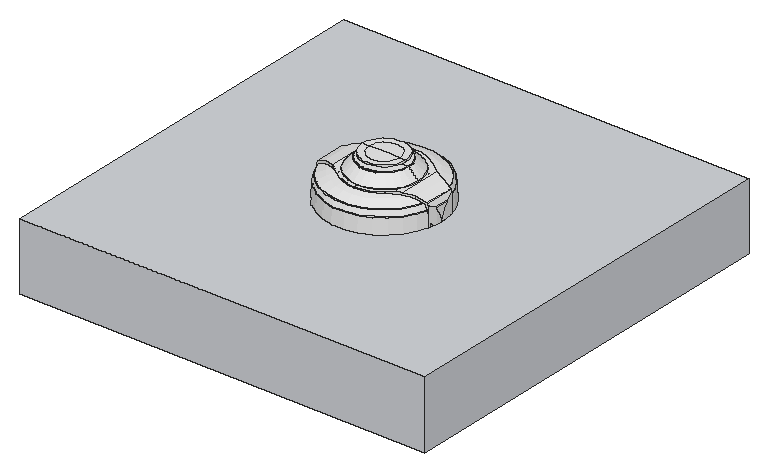
Revit family "B200S-LF-WH.BIM", category Fire Alarm Devices, host Face, Revit 2020
Family settings
  Host = Face
  Maintain Annotation Orientation = Yes
  Round Connector Dimension = Use Diameter
  Part Type = Normal
  OmniClass Number = 23.85.30.21
  OmniClass Title = Environmental Detection/Registration
  Cut with Voids When Loaded = No
  Shared = No
  Room Calculation Point = No
Parameters (values of type "Detector_with_Low_Freq_Sync_Sounder_Base_White")
  Wall Mounted [instance] = no
  URL = "www.firelite.com"
  Standard_Wall [instance] = and(Wall Mounted, Standard Base)  # no
  Standard_Ceiling [instance] = and(Ceiling Mounted, Standard Base)  # no
  Standard Base = no
  Speciality_Ceiling [instance] = and(Ceiling Mounted, Specality Base)  # yes
  Specality_Wall [instance] = and(Wall Mounted, Specality Base)  # no
  Specality Base = yes
  Puck_Wall [instance] = and(Wall Mounted, Puck Base)  # no
  Puck_Ceiling [instance] = and(Ceiling Mounted, Puck Base)  # no
  Puck Base = no
  Mounting Requirements = "Standard 4 inch square, 4 inch octagonal, or single gang electrical box."
  Model = "B200S-LF-WH"
  Manufacturer = "Fire Lite"  # constant formula
  Main Electrical Connection = "Signaling Line Circuit"  # constant formula
  Height = if(Specality Base, 0' 2 9/16", 0' 1 11/16")  # 0' - 2 9/16"
  Finish = Plastic_FireLite_White
  Diameter = if(Puck Base, 0' 4", if(Standard Base, 0' 6", 0' 6 7/8"))  # 0' - 6 7/8"
  Detector Type = "P-CO"  # constant formula
  Description = "Intelligent Plug-In Photo-CO Detector / Low Freq Sounder Base"
  Default Elevation = 6' - 8"
  Ceiling Mounted [instance] = not(Wall Mounted)  # yes
  Base Thickness = if(Specality Base, 0' 1 11/16", 0' 0 7/8")  # 0' - 1 11/16"
  Base Select = DetectorBase-Select_Series : Speciality Base
  Base Label = "LF"
  Assembly Code = "D5030700"
  Agency Listing = "UL"  # constant formula
Reference planes (in)
  plane 1 "Center (Front/Back)": y = 0
  plane 2: z = 0
  plane 3 "Center (Left/Right)": x = 0
  plane 4 "Base Depth": z = 1.6875
  plane 5: x = 0
Forms (in)
  Extrusion 1, solid
    sketch origin (24, -6.72932, 0) x (1, 0, 0) y (0, 1, 0)
      loop
        line (-36, 18.72932) -> (-36, -5.27068) -> (-12, -5.27068) -> (-12, 18.72932) -> (-36, 18.72932)
    from 0 to -4
Lines and regions (in)
  Masking region 1, visible <- "Wall Mounted"
    outline origin (-5.53202, -3.47829, 0) x (1, 0, 0) y (0, 1, 0)
      loop
        circle (5.53047, 3.47791) r 2.11075
  Masking region 2, visible <- "Wall Mounted", not visible
    outline origin (0, 0, 0) x (1, 0, 0) y (0, 1, 0)
      loop
        circle (5.53047, 3.47791) r 2.11075
  Masking region 3, visible <- "Standard_Ceiling"
    outline origin (-15.46141, 0, -26.39682) x (1, 0, 0) y (0, 0, 1)
      loop
        line (18.5344, 26.39682) -> (18.5344, 26.50119) -> (17.48216, 27.19351) -> (16.92543, 27.75024) -> (16.74554, 28.06183) -> (14.18447, 28.06183) -> (14.00507, 27.75122) -> (13.45804, 27.2042) -> (12.38841, 26.50119) -> (12.38841, 26.39682) -> (18.5344, 26.39682)
  Masking region 4, visible <- "Standard Base"
    outline origin (0, -12, 0) x (0, 1, 0) y (0, 0, 1)
      loop
        line (8.927, 0) -> (15.073, 0) -> (15.073, 0.10437) -> (14.05174, 0.7967) -> (13.45781, 1.39064) -> (13.27694, 1.66501) -> (10.72306, 1.66501) -> (10.5633, 1.37724) -> (9.99344, 0.80738) -> (8.927, 0.10437) -> (8.927, 0)
  Masking region 5, visible <- "Standard Base", not visible
    outline origin (0, 0, 0) x (0, 1, 0) y (0, 0, 1)
      loop
        line (8.927, 0) -> (15.073, 0) -> (15.073, 0.10437) -> (14.05174, 0.7967) -> (13.45781, 1.39064) -> (13.27694, 1.66501) -> (10.72306, 1.66501) -> (10.5633, 1.37724) -> (9.99344, 0.80738) -> (8.927, 0.10437) -> (8.927, 0)
  Masking region 6, visible <- "Standard_Wall"
    outline origin (0, 0, 0) x (1, 0, 0) y (0, 1, 0)
      loop
        circle (-0.00155, -0.00039) r 3.0741
  Masking region 7, visible <- "Specality_Wall"
    outline origin (0, 0, 0) x (1, 0, 0) y (0, 1, 0)
      loop
        circle (-0.00155, -0.00039) r 3.42775
  Masking region 8, visible <- "Specality Base"
    outline origin (0, 27.45036, -32.86568) x (0, 1, 0) y (0, 0, 1)
      loop
        line (-24.04835, 32.86568) -> (-24.04835, 33.8153) -> (-24.22768, 34.12578) -> (-24.67998, 34.36368) -> (-25.447, 34.52671) -> (-25.99402, 35.07374) -> (-26.17342, 35.38434) -> (-28.76187, 35.38434) -> (-28.88706, 35.09658) -> (-29.45692, 34.52671) -> (-30.22074, 34.32282) -> (-30.69819, 34.09707) -> (-30.82078, 33.8153) -> (-30.88035, 32.86568) -> (-24.04835, 32.86568)
  Masking region 9, visible <- "Specality Base", not visible
    outline origin (0, 0, 0) x (0, 1, 0) y (0, 0, 1)
      loop
        line (-24.04835, 32.86568) -> (-24.04835, 33.8153) -> (-24.22768, 34.12578) -> (-24.67998, 34.36368) -> (-25.447, 34.52671) -> (-25.99402, 35.07374) -> (-26.17342, 35.38434) -> (-28.76187, 35.38434) -> (-28.88706, 35.09658) -> (-29.45692, 34.52671) -> (-30.22074, 34.32282) -> (-30.69819, 34.09707) -> (-30.82078, 33.8153) -> (-30.88035, 32.86568) -> (-24.04835, 32.86568)
  Masking region 10, visible <- "Speciality_Ceiling"
    outline origin (-12.15283, 0, -40.72634) x (1, 0, 0) y (0, 0, 1)
      loop
        line (15.58124, 40.72775) -> (15.52167, 41.67737) -> (15.39908, 41.95915) -> (14.71166, 42.25094) -> (14.27096, 42.34263) -> (14.15781, 42.38878) -> (13.42819, 43.24641) -> (10.87432, 43.24641) -> (10.14469, 42.38878) -> (9.97762, 42.33469) -> (9.38087, 42.18489) -> (8.88102, 41.9796) -> (8.77242, 41.62224) -> (8.72127, 40.72775) -> (15.58124, 40.72775)
  Masking region 11, visible <- "Speciality_Ceiling", not visible
    outline origin (0, 0, 0) x (1, 0, 0) y (0, 0, 1)
      loop
        line (15.58124, 40.72775) -> (15.52167, 41.67737) -> (15.39908, 41.95915) -> (14.71166, 42.25094) -> (14.27096, 42.34263) -> (14.15781, 42.38878) -> (13.42819, 43.24641) -> (10.87432, 43.24641) -> (10.14469, 42.38878) -> (9.97762, 42.33469) -> (9.38087, 42.18489) -> (8.88102, 41.9796) -> (8.77242, 41.62224) -> (8.72127, 40.72775) -> (15.58124, 40.72775)
  Masking region 12, visible <- "Puck Base"
    outline origin (0, -7.69624, 0.00261) x (0, 1, 0) y (0, 0, 1)
      loop
        line (5.67769, 0) -> (9.68761, 0) -> (9.68761, 0.82534) -> (9.14058, 1.37236) -> (8.96118, 1.68297) -> (6.40731, 1.68297) -> (6.24755, 1.3952) -> (5.67769, 0.82534) -> (5.67769, 0)
  Masking region 13, visible <- "Puck Base", not visible
    outline origin (0, 0, 0) x (0, 1, 0) y (0, 0, 1)
      loop
        line (5.67769, 0) -> (9.68761, 0) -> (9.68761, 0.82534) -> (9.14058, 1.37236) -> (8.96118, 1.68297) -> (6.40731, 1.68297) -> (6.24755, 1.3952) -> (5.67769, 0.82534) -> (5.67769, 0)
  Masking region 14, visible <- "Puck_Ceiling"
    outline origin (7.40824, 0, -0.80829) x (1, 0, 0) y (0, 0, 1)
      loop
        line (-5.40168, 0.80829) -> (-5.40168, 1.63642) -> (-5.94776, 2.18249) -> (-6.00405, 2.18249) -> (-6.00405, 2.21689) -> (-7.13967, 2.21689) -> (-7.13967, 2.41176) -> (-6.13131, 2.41176) -> (-6.13131, 2.49405) -> (-6.54202, 2.49405) -> (-7.15621, 2.51785) -> (-7.72665, 2.51785) -> (-8.30672, 2.49405) -> (-8.68518, 2.49405) -> (-8.68518, 2.41176) -> (-7.67681, 2.41176) -> (-7.67681, 2.21689) -> (-8.81353, 2.21689) -> (-8.81353, 2.18344) -> (-8.86458, 2.18344) -> (-9.4116, 1.63642) -> (-9.4116, 0.80829) -> (-5.40168, 0.80829)
  Masking region 15, visible <- "Puck_Ceiling", not visible
    outline origin (0, 0, -0.82392) x (1, 0, 0) y (0, 0, 1)
      loop
        line (-5.40168, 0.80829) -> (-5.40168, 1.63642) -> (-5.94776, 2.18249) -> (-6.00405, 2.18249) -> (-6.00405, 2.21689) -> (-7.13967, 2.21689) -> (-7.13967, 2.41176) -> (-6.13131, 2.41176) -> (-6.13131, 2.49405) -> (-6.54202, 2.49405) -> (-7.15621, 2.51785) -> (-7.72665, 2.51785) -> (-8.30672, 2.49405) -> (-8.68518, 2.49405) -> (-8.68518, 2.41176) -> (-7.67681, 2.41176) -> (-7.67681, 2.21689) -> (-8.81353, 2.21689) -> (-8.81353, 2.18344) -> (-8.86458, 2.18344) -> (-9.4116, 1.63642) -> (-9.4116, 0.80829) -> (-5.40168, 0.80829)
  symbolic lines, style "0", visible <- "Wall Mounted"
    curve 1: circle (-0.00155, -0.00039, 0) r 2.00967 normal (0, 0, 1)
    curve 2: circle (-0.00155, -0.00039, 0) r 2.11075 normal (0, 0, 1)
    curve 3: circle (-0.00155, -0.00039, 0) r 1.45634 normal (0, 0, 1)
    curve 4: circle (-0.00155, -0.00039, 0) r 1.40529 normal (0, 0, 1)
    curve 5: circle (-0.00155, -0.00039, 0) r 1.27694 normal (0, 0, 1)
  symbolic lines, style "0", visible <- "Wall Mounted", not visible
    curve 6: circle (5.53047, 3.47791, 0) r 2.00967 normal (0, 0, 1)
    curve 7: circle (5.53047, 3.47791, 0) r 2.11075 normal (0, 0, 1)
    curve 8: circle (5.53047, 3.47791, 0) r 1.45634 normal (0, 0, 1)
    curve 9: circle (5.53047, 3.47791, 0) r 1.40529 normal (0, 0, 1)
    curve 10: circle (5.53047, 3.47791, 0) r 1.27694 normal (0, 0, 1)
  symbolic lines, visible <- "Standard_Wall"
    curve 11: circle (0, -0.00039, 0) r 3.073 normal (0, 0, 1)
  symbolic lines, style "0", visible <- "Standard Base"
    curve 12: arc (0, -2.02075, 0.7967) -> (0, -2.52551, 0.41806) -> (0, -3.073, 0.10437) r 5.12142
    curve 13: arc (0, 3.073, 0.10437) -> (0, 2.52551, 0.41806) -> (0, 2.02075, 0.7967) r 5.12142
    curve 14: arc (0, 2.00656, 0.80738) -> (0, 1.72117, 1.07055) -> (0, 1.45634, 1.3544) r 5.16892
    curve 15: arc (0, 0, 1.69084) -> (0, 0.44942, 1.68438) -> (0, 0.89848, 1.66501) r 15.63962
    curve 16: arc (0, -1.45634, 1.3544) -> (0, -1.72117, 1.07055) -> (0, -2.00656, 0.80738) r 5.16892
    curve 17: arc (0, -0.89848, 1.66501) -> (0, -0.44942, 1.68438) -> (0, 0, 1.69084) r 15.63962
    curve 18: line (0, 3.073, 0.10437) -> (0, 3.073, 0)
    curve 19: line (0, 3.073, 0) -> (0, 0, 0)
    curve 20: line (0, 0, 0) -> (0, -3.073, 0)
    curve 21: line (0, -3.073, 0) -> (0, -3.073, 0.10437)
    curve 22: line (0, -2.02075, 0.7967) -> (0, 0, 0.7967)
    curve 23: line (0, 0, 0.7967) -> (0, 2.02075, 0.7967)
    curve 24: line (0, -1.45634, 1.3544) -> (0, -1.40529, 1.3544)
    curve 25: line (0, -1.40529, 1.3544) -> (0, -1.40529, 1.38785)
    curve 26: line (0, -1.40529, 1.38785) -> (0, 0, 1.38785)
    curve 27: line (0, 0, 1.38785) -> (0, 1.40529, 1.38785)
    curve 28: line (0, 1.40529, 1.38785) -> (0, 1.40529, 1.3544)
    curve 29: line (0, 1.40529, 1.3544) -> (0, 1.45634, 1.3544)
    curve 30: line (0, -0.26857, 1.38785) -> (0, -0.26857, 1.58272)
    curve 31: line (0, -0.26857, 1.58272) -> (0, -1.27694, 1.58272)
    curve 32: line (0, -1.27694, 1.58272) -> (0, -1.27694, 1.66501)
    curve 33: line (0, -1.27694, 1.66501) -> (0, -0.89848, 1.66501)
    curve 34: line (0, -0.89848, 1.66501) -> (0, 0.89848, 1.66501)
    curve 35: line (0, 0.89848, 1.66501) -> (0, 1.27694, 1.66501)
    curve 36: line (0, 1.27694, 1.66501) -> (0, 1.27694, 1.58272)
    curve 37: line (0, 1.27694, 1.58272) -> (0, 0.26857, 1.58272)
    curve 38: line (0, 0.26857, 1.58272) -> (0, 0.26857, 1.38785)
    curve 39: line (0, 2.00656, 0.80738) -> (0, -2.00656, 0.80738)
    curve 40: line (0, 1.40529, 1.3544) -> (0, -1.40529, 1.3544)
    curve 41: line (0, 0.26857, 1.58272) -> (0, -0.26857, 1.58272)
  symbolic lines, style "0", visible <- "Standard Base", not visible
    curve 42: arc (0, 9.97925, 0.7967) -> (0, 9.47449, 0.41806) -> (0, 8.927, 0.10437) r 5.12142
    curve 43: arc (0, 15.073, 0.10437) -> (0, 14.52551, 0.41806) -> (0, 14.02075, 0.7967) r 5.12142
    curve 44: arc (0, 14.00656, 0.80738) -> (0, 13.72117, 1.07055) -> (0, 13.45634, 1.3544) r 5.16892
    curve 45: arc (0, 12, 1.69084) -> (0, 12.44942, 1.68438) -> (0, 12.89848, 1.66501) r 15.63962
    curve 46: arc (0, 10.54366, 1.3544) -> (0, 10.27883, 1.07055) -> (0, 9.99344, 0.80738) r 5.16892
    curve 47: arc (0, 11.10152, 1.66501) -> (0, 11.55058, 1.68438) -> (0, 12, 1.69084) r 15.63962
    curve 48: line (0, 15.073, 0.10437) -> (0, 15.073, 0)
    curve 49: line (0, 15.073, 0) -> (0, 12, 0)
    curve 50: line (0, 12, 0) -> (0, 8.927, 0)
    curve 51: line (0, 8.927, 0) -> (0, 8.927, 0.10437)
    curve 52: line (0, 9.97925, 0.7967) -> (0, 12, 0.7967)
    curve 53: line (0, 12, 0.7967) -> (0, 14.02075, 0.7967)
    curve 54: line (0, 10.54366, 1.3544) -> (0, 10.59471, 1.3544)
    curve 55: line (0, 10.59471, 1.3544) -> (0, 10.59471, 1.38785)
    curve 56: line (0, 10.59471, 1.38785) -> (0, 12, 1.38785)
    curve 57: line (0, 12, 1.38785) -> (0, 13.40529, 1.38785)
    curve 58: line (0, 13.40529, 1.38785) -> (0, 13.40529, 1.3544)
    curve 59: line (0, 13.40529, 1.3544) -> (0, 13.45634, 1.3544)
    curve 60: line (0, 11.73143, 1.38785) -> (0, 11.73143, 1.58272)
    curve 61: line (0, 11.73143, 1.58272) -> (0, 10.72306, 1.58272)
    curve 62: line (0, 10.72306, 1.58272) -> (0, 10.72306, 1.66501)
    curve 63: line (0, 10.72306, 1.66501) -> (0, 11.10152, 1.66501)
    curve 64: line (0, 11.10152, 1.66501) -> (0, 12.89848, 1.66501)
    curve 65: line (0, 12.89848, 1.66501) -> (0, 13.27694, 1.66501)
    curve 66: line (0, 13.27694, 1.66501) -> (0, 13.27694, 1.58272)
    curve 67: line (0, 13.27694, 1.58272) -> (0, 12.26857, 1.58272)
    curve 68: line (0, 12.26857, 1.58272) -> (0, 12.26857, 1.38785)
    curve 69: line (0, 14.00656, 0.80738) -> (0, 9.99344, 0.80738)
    curve 70: line (0, 13.40529, 1.3544) -> (0, 10.59471, 1.3544)
    curve 71: line (0, 12.26857, 1.58272) -> (0, 11.73143, 1.58272)
  symbolic lines, style "0", visible <- "Standard_Ceiling"
    curve 72: arc (2.02075, 0, 0.7967) -> (2.52551, 0, 0.41806) -> (3.073, 0, 0.10437) r 5.12142
    curve 73: arc (-3.073, 0, 0.10437) -> (-2.52551, 0, 0.41806) -> (-2.02075, 0, 0.7967) r 5.12142
    curve 74: arc (-2.00656, 0, 0.80738) -> (-1.72117, 0, 1.07055) -> (-1.45634, 0, 1.3544) r 5.16892
    curve 75: arc (0, 0, 1.69084) -> (-0.44942, 0, 1.68438) -> (-0.89848, 0, 1.66501) r 15.63962
    curve 76: arc (1.45634, 0, 1.3544) -> (1.72117, 0, 1.07055) -> (2.00656, 0, 0.80738) r 5.16892
    curve 77: arc (0.89848, 0, 1.66501) -> (0.44942, 0, 1.68438) -> (0, 0, 1.69084) r 15.63962
    curve 78: line (-3.073, 0, 0.10437) -> (-3.073, 0, 0)
    curve 79: line (-3.073, 0, 0) -> (0, 0, 0)
    curve 80: line (0, 0, 0) -> (3.073, 0, 0)
    curve 81: line (3.073, 0, 0) -> (3.073, 0, 0.10437)
    curve 82: line (2.02075, 0, 0.7967) -> (0, 0, 0.7967)
    curve 83: line (0, 0, 0.7967) -> (-2.02075, 0, 0.7967)
    curve 84: line (1.45634, 0, 1.3544) -> (1.40529, 0, 1.3544)
    curve 85: line (1.40529, 0, 1.3544) -> (1.40529, 0, 1.38785)
    curve 86: line (1.40529, 0, 1.38785) -> (0, 0, 1.38785)
    curve 87: line (0, 0, 1.38785) -> (-1.40529, 0, 1.38785)
    curve 88: line (-1.40529, 0, 1.38785) -> (-1.40529, 0, 1.3544)
    curve 89: line (-1.40529, 0, 1.3544) -> (-1.45634, 0, 1.3544)
    curve 90: line (0.26857, 0, 1.38785) -> (0.26857, 0, 1.58272)
    curve 91: line (0.26857, 0, 1.58272) -> (1.27694, 0, 1.58272)
    curve 92: line (1.27694, 0, 1.58272) -> (1.27694, 0, 1.66501)
    curve 93: line (1.27694, 0, 1.66501) -> (0.89848, 0, 1.66501)
    curve 94: line (0.89848, 0, 1.66501) -> (-0.89848, 0, 1.66501)
    curve 95: line (-0.89848, 0, 1.66501) -> (-1.27694, 0, 1.66501)
    curve 96: line (-1.27694, 0, 1.66501) -> (-1.27694, 0, 1.58272)
    curve 97: line (-1.27694, 0, 1.58272) -> (-0.26857, 0, 1.58272)
    curve 98: line (-0.26857, 0, 1.58272) -> (-0.26857, 0, 1.38785)
    curve 99: line (-2.00656, 0, 0.80738) -> (2.00656, 0, 0.80738)
    curve 100: line (-1.40529, 0, 1.3544) -> (1.40529, 0, 1.3544)
    curve 101: line (-0.26857, 0, 1.58272) -> (0.26857, 0, 1.58272)
  symbolic lines, style "0", visible <- "Specality_Wall"
    curve 102: circle (-0.00155, -0.00039, 0) r 2.00967 normal (0, 0, 1)
    curve 103: circle (-0.00155, -0.00039, 0) r 3.42775 normal (0, 0, 1)
    curve 104: circle (-0.00155, -0.00039, 0) r 3.38081 normal (0, 0, 1)
    curve 105: circle (-0.00155, -0.00039, 0) r 3.25078 normal (0, 0, 1)
    curve 106: circle (-0.00155, -0.00039, 0) r 2.11075 normal (0, 0, 1)
    curve 107: arc (0.85813, 3.31781, 0) -> (1.17522, 2.32061, 0) -> (1.72456, 1.43, 0) r 4.28478
    curve 108: arc (2.2402, -0.00039, 0) -> (2.10736, 0.75986, 0) -> (1.72456, 1.43, 0) r 2.24176
    curve 109: arc (1.72456, -1.43078, 0) -> (1.17522, -2.32139, 0) -> (0.85813, -3.31859, 0) r 4.28478
    curve 110: arc (1.72456, -1.43078, 0) -> (2.10736, -0.76064, 0) -> (2.2402, -0.00039, 0) r 2.24176
    curve 111: arc (3.01297, -0.00039, 0) -> (2.74961, 1.23188, 0) -> (2.00553, 2.24883, 0) r 3.01453
    curve 112: arc (2.93101, -0.00039, 0) -> (2.67346, 1.20139, 0) -> (1.94603, 2.19207, 0) r 2.93257
    curve 113: arc (2.76294, -0.00039, 0) -> (2.55291, 1.05655, 0) -> (1.95474, 1.9529, 0) r 2.76449
    curve 114: arc (2.68098, -0.00039, 0) -> (2.47573, 1.0287, 0) -> (1.89141, 1.90031, 0) r 2.68253
    curve 115: arc (2.51356, -0.00039, 0) -> (2.35974, 0.86568, 0) -> (1.91711, 1.62581, 0) r 2.51511
    curve 116: arc (2.4316, -0.00039, 0) -> (2.28149, 0.84101, 0) -> (1.84968, 1.57858, 0) r 2.43315
    curve 117: arc (2.00553, -2.24961, 0) -> (2.74961, -1.23266, 0) -> (3.01297, -0.00039, 0) r 3.01453
    curve 118: arc (1.94603, -2.19284, 0) -> (2.67346, -1.20216, 0) -> (2.93101, -0.00039, 0) r 2.93257
    curve 119: arc (1.95474, -1.95368, 0) -> (2.55291, -1.05733, 0) -> (2.76294, -0.00039, 0) r 2.76449
    curve 120: arc (1.89141, -1.90109, 0) -> (2.47573, -1.02948, 0) -> (2.68098, -0.00039, 0) r 2.68253
    curve 121: arc (1.91711, -1.62659, 0) -> (2.35974, -0.86646, 0) -> (2.51356, -0.00039, 0) r 2.51511
    curve 122: arc (1.84968, -1.57936, 0) -> (2.28149, -0.84178, 0) -> (2.4316, -0.00039, 0) r 2.43315
    curve 123: arc (-2.00863, 2.24883, 0) -> (-2.75271, 1.23188, 0) -> (-3.01608, -0.00039, 0) r 3.01453
    curve 124: arc (-1.94914, 2.19207, 0) -> (-2.67656, 1.20139, 0) -> (-2.93412, -0.00039, 0) r 2.93257
    curve 125: arc (-1.95785, 1.9529, 0) -> (-2.55602, 1.05655, 0) -> (-2.76604, -0.00039, 0) r 2.76449
    curve 126: arc (-1.89451, 1.90031, 0) -> (-2.47884, 1.0287, 0) -> (-2.68408, -0.00039, 0) r 2.68253
    curve 127: arc (-1.92021, 1.62581, 0) -> (-2.36285, 0.86568, 0) -> (-2.51667, -0.00039, 0) r 2.51511
    curve 128: arc (-1.85279, 1.57858, 0) -> (-2.2846, 0.84101, 0) -> (-2.43471, -0.00039, 0) r 2.43315
    curve 129: arc (-3.01608, -0.00039, 0) -> (-2.75271, -1.23266, 0) -> (-2.00863, -2.24961, 0) r 3.01453
    curve 130: arc (-2.93412, -0.00039, 0) -> (-2.67656, -1.20216, 0) -> (-1.94914, -2.19284, 0) r 2.93257
    curve 131: arc (-2.76604, -0.00039, 0) -> (-2.55602, -1.05733, 0) -> (-1.95785, -1.95368, 0) r 2.76449
    curve 132: arc (-2.68408, -0.00039, 0) -> (-2.47884, -1.02948, 0) -> (-1.89451, -1.90109, 0) r 2.68253
    curve 133: arc (-2.51667, -0.00039, 0) -> (-2.36285, -0.86646, 0) -> (-1.92021, -1.62659, 0) r 2.51511
    curve 134: arc (-2.43471, -0.00039, 0) -> (-2.2846, -0.84178, 0) -> (-1.85279, -1.57936, 0) r 2.43315
    curve 135: line (1.84968, 1.57858, 0) -> (1.91711, 1.62581, 0)
    curve 136: line (1.89141, 1.90031, 0) -> (1.95474, 1.9529, 0)
    curve 137: line (1.94603, 2.19207, 0) -> (2.00553, 2.24883, 0)
    curve 138: line (1.84968, -1.57936, 0) -> (1.91711, -1.62659, 0)
    curve 139: line (1.89141, -1.90109, 0) -> (1.95474, -1.95368, 0)
    curve 140: line (1.94603, -2.19284, 0) -> (2.00553, -2.24961, 0)
    curve 141: line (-1.85279, 1.57858, 0) -> (-1.92021, 1.62581, 0)
    curve 142: line (-1.89451, 1.90031, 0) -> (-1.95785, 1.9529, 0)
    curve 143: line (-1.94914, 2.19207, 0) -> (-2.00863, 2.24883, 0)
    curve 144: line (-1.85279, -1.57936, 0) -> (-1.92021, -1.62659, 0)
    curve 145: line (-1.89451, -1.90109, 0) -> (-1.95785, -1.95368, 0)
    curve 146: line (-1.94914, -2.19284, 0) -> (-2.00863, -2.24961, 0)
    curve 147: arc (-1.72767, 1.43, 0) -> (-1.17833, 2.32061, 0) -> (-0.86124, 3.31781, 0) r 4.28478
    curve 148: arc (-1.72767, 1.43, 0) -> (-2.11046, 0.75986, 0) -> (-2.24331, -0.00039, 0) r 2.24176
    curve 149: arc (-0.86124, -3.31859, 0) -> (-1.17833, -2.32139, 0) -> (-1.72767, -1.43078, 0) r 4.28478
    curve 150: arc (-2.24331, -0.00039, 0) -> (-2.11046, -0.76064, 0) -> (-1.72767, -1.43078, 0) r 2.24176
    curve 151: circle (-0.00155, -0.00039, 0) r 1.45634 normal (0, 0, 1)
    curve 152: circle (-0.00155, -0.00039, 0) r 1.40529 normal (0, 0, 1)
    curve 153: circle (-0.00155, -0.00039, 0) r 1.27694 normal (0, 0, 1)
  symbolic lines, style "0", visible <- "Specality_Wall", not visible
    curve 154: circle (6.19169, 5.69951, 0) r 2.00967 normal (0, 0, 1)
    curve 155: circle (6.19169, 5.69951, 0) r 3.42775 normal (0, 0, 1)
    curve 156: circle (6.19169, 5.69951, 0) r 3.38081 normal (0, 0, 1)
    curve 157: circle (6.19169, 5.69951, 0) r 3.25078 normal (0, 0, 1)
    curve 158: circle (6.19169, 5.69951, 0) r 2.11075 normal (0, 0, 1)
    curve 159: arc (7.05137, 9.01771, 0) -> (7.36846, 8.02051, 0) -> (7.9178, 7.1299, 0) r 4.28478
    curve 160: arc (8.43345, 5.69951, 0) -> (8.3006, 6.45976, 0) -> (7.9178, 7.1299, 0) r 2.24176
    curve 161: arc (7.9178, 4.26912, 0) -> (7.36846, 3.37851, 0) -> (7.05137, 2.38131, 0) r 4.28478
    curve 162: arc (7.9178, 4.26912, 0) -> (8.3006, 4.93926, 0) -> (8.43345, 5.69951, 0) r 2.24176
    curve 163: arc (9.20622, 5.69951, 0) -> (8.94285, 6.93178, 0) -> (8.19877, 7.94873, 0) r 3.01453
    curve 164: arc (9.12426, 5.69951, 0) -> (8.8667, 6.90128, 0) -> (8.13928, 7.89196, 0) r 2.93257
    curve 165: arc (8.95618, 5.69951, 0) -> (8.74615, 6.75645, 0) -> (8.14798, 7.6528, 0) r 2.76449
    curve 166: arc (8.87422, 5.69951, 0) -> (8.66898, 6.7286, 0) -> (8.08465, 7.60021, 0) r 2.68253
    curve 167: arc (8.7068, 5.69951, 0) -> (8.55299, 6.56558, 0) -> (8.11035, 7.32571, 0) r 2.51511
    curve 168: arc (8.62484, 5.69951, 0) -> (8.47473, 6.5409, 0) -> (8.04293, 7.27848, 0) r 2.43315
    curve 169: arc (8.19877, 3.45029, 0) -> (8.94285, 4.46724, 0) -> (9.20622, 5.69951, 0) r 3.01453
    curve 170: arc (8.13928, 3.50706, 0) -> (8.8667, 4.49774, 0) -> (9.12426, 5.69951, 0) r 2.93257
    curve 171: arc (8.14798, 3.74622, 0) -> (8.74615, 4.64257, 0) -> (8.95618, 5.69951, 0) r 2.76449
    curve 172: arc (8.08465, 3.79881, 0) -> (8.66898, 4.67042, 0) -> (8.87422, 5.69951, 0) r 2.68253
    curve 173: arc (8.11035, 4.07331, 0) -> (8.55299, 4.83344, 0) -> (8.7068, 5.69951, 0) r 2.51511
    curve 174: arc (8.04293, 4.12054, 0) -> (8.47473, 4.85812, 0) -> (8.62484, 5.69951, 0) r 2.43315
    curve 175: arc (4.18461, 7.94873, 0) -> (3.44053, 6.93178, 0) -> (3.17716, 5.69951, 0) r 3.01453
    curve 176: arc (4.24411, 7.89196, 0) -> (3.51668, 6.90128, 0) -> (3.25912, 5.69951, 0) r 2.93257
    curve 177: arc (4.2354, 7.6528, 0) -> (3.63723, 6.75645, 0) -> (3.4272, 5.69951, 0) r 2.76449
    curve 178: arc (4.29873, 7.60021, 0) -> (3.7144, 6.7286, 0) -> (3.50916, 5.69951, 0) r 2.68253
    curve 179: arc (4.27303, 7.32571, 0) -> (3.8304, 6.56558, 0) -> (3.67658, 5.69951, 0) r 2.51511
    curve 180: arc (4.34045, 7.27848, 0) -> (3.90865, 6.5409, 0) -> (3.75854, 5.69951, 0) r 2.43315
    curve 181: arc (3.17716, 5.69951, 0) -> (3.44053, 4.46724, 0) -> (4.18461, 3.45029, 0) r 3.01453
    curve 182: arc (3.25912, 5.69951, 0) -> (3.51668, 4.49774, 0) -> (4.24411, 3.50706, 0) r 2.93257
    curve 183: arc (3.4272, 5.69951, 0) -> (3.63723, 4.64257, 0) -> (4.2354, 3.74622, 0) r 2.76449
    curve 184: arc (3.50916, 5.69951, 0) -> (3.7144, 4.67042, 0) -> (4.29873, 3.79881, 0) r 2.68253
    curve 185: arc (3.67658, 5.69951, 0) -> (3.8304, 4.83344, 0) -> (4.27303, 4.07331, 0) r 2.51511
    curve 186: arc (3.75854, 5.69951, 0) -> (3.90865, 4.85812, 0) -> (4.34045, 4.12054, 0) r 2.43315
    curve 187: line (8.04293, 7.27848, 0) -> (8.11035, 7.32571, 0)
    curve 188: line (8.08465, 7.60021, 0) -> (8.14798, 7.6528, 0)
    curve 189: line (8.13928, 7.89196, 0) -> (8.19877, 7.94873, 0)
    curve 190: line (8.04293, 4.12054, 0) -> (8.11035, 4.07331, 0)
    curve 191: line (8.08465, 3.79881, 0) -> (8.14798, 3.74622, 0)
    curve 192: line (8.13928, 3.50706, 0) -> (8.19877, 3.45029, 0)
    curve 193: line (4.34045, 7.27848, 0) -> (4.27303, 7.32571, 0)
    curve 194: line (4.29873, 7.60021, 0) -> (4.2354, 7.6528, 0)
    curve 195: line (4.24411, 7.89196, 0) -> (4.18461, 7.94873, 0)
    curve 196: line (4.34045, 4.12054, 0) -> (4.27303, 4.07331, 0)
    curve 197: line (4.29873, 3.79881, 0) -> (4.2354, 3.74622, 0)
    curve 198: line (4.24411, 3.50706, 0) -> (4.18461, 3.45029, 0)
    curve 199: arc (4.46558, 7.1299, 0) -> (5.01492, 8.02051, 0) -> (5.33201, 9.01771, 0) r 4.28478
    curve 200: arc (4.46558, 7.1299, 0) -> (4.08278, 6.45976, 0) -> (3.94993, 5.69951, 0) r 2.24176
    curve 201: arc (5.33201, 2.38131, 0) -> (5.01492, 3.37851, 0) -> (4.46558, 4.26912, 0) r 4.28478
    curve 202: arc (3.94993, 5.69951, 0) -> (4.08278, 4.93926, 0) -> (4.46558, 4.26912, 0) r 2.24176
    curve 203: circle (6.19169, 5.69951, 0) r 1.45634 normal (0, 0, 1)
    curve 204: circle (6.19169, 5.69951, 0) r 1.40529 normal (0, 0, 1)
    curve 205: circle (6.19169, 5.69951, 0) r 1.27694 normal (0, 0, 1)
  symbolic lines, style "0", visible <- "Specality Base"
    curve 206: arc (0, -3.21481, 1.26422) -> (0, -2.68235, 1.48667) -> (0, -2.11971, 1.61488) r 3.36539
    curve 207: arc (0, -1.70364, 1.59551) -> (0, -1.42134, 1.57373) -> (0, -1.14854, 1.49794) r 1.46181
    curve 208: arc (0, -1.14854, 1.49794) -> (0, -1.00103, 1.39159) -> (0, -0.90294, 1.23847) r 0.48588
    curve 209: arc (0, 3.21481, 1.26422) -> (0, 2.68235, 1.48667) -> (0, 2.11971, 1.61488) r 3.36539
    curve 210: arc (0, 1.70364, 1.59551) -> (0, 1.42134, 1.57373) -> (0, 1.14854, 1.49794) r 1.46181
    curve 211: arc (0, 1.14854, 1.49794) -> (0, 1.00103, 1.39159) -> (0, 0.90294, 1.23847) r 0.48588
    curve 212: arc (0, 2.00656, 1.66103) -> (0, 1.72117, 1.9242) -> (0, 1.45634, 2.20805) r 5.16892
    curve 213: arc (0, 0, 2.54449) -> (0, 0.44942, 2.53803) -> (0, 0.89848, 2.51866) r 15.63962
    curve 214: arc (0, -1.45634, 2.20805) -> (0, -1.72117, 1.9242) -> (0, -2.00656, 1.66103) r 5.16892
    curve 215: arc (0, -0.89848, 2.51866) -> (0, -0.44942, 2.53803) -> (0, 0, 2.54449) r 15.63962
    curve 216: line (0, 3.21481, 1.26422) -> (0, 3.24783, 1.23139)
    curve 217: line (0, 3.24783, 1.23139) -> (0, 3.37042, 0.94961)
    curve 218: line (0, 3.37042, 0.94961) -> (0, 3.37883, 0.89449)
    curve 219: line (0, 3.37883, 0.89449) -> (0, 3.42999, 0)
    curve 220: line (0, 3.42999, 0) -> (0, 0, 0)
    curve 221: line (0, 0, 0) -> (0, -3.42999, 0)
    curve 222: line (0, -3.42999, 0) -> (0, -3.37883, 0.89449)
    curve 223: line (0, -3.37883, 0.89449) -> (0, -3.37042, 0.94961)
    curve 224: line (0, -3.37042, 0.94961) -> (0, -3.24783, 1.23139)
    curve 225: line (0, -3.24783, 1.23139) -> (0, -3.21481, 1.26422)
    curve 226: line (0, -2.11971, 1.61488) -> (0, 0, 1.61488)
    curve 227: line (0, 0, 1.61488) -> (0, 2.11971, 1.61488)
    curve 228: line (0, -2.24232, 1.59551) -> (0, -1.70364, 1.59551)
    curve 229: line (0, -0.90294, 1.23847) -> (0, -0.86987, 0.89863)
    curve 230: line (0, -0.86987, 0.89863) -> (0, -0.86087, 0)
    curve 231: line (0, -3.01847, 1.35887) -> (0, -2.00893, 1.35887)
    curve 232: line (0, -2.00893, 1.35887) -> (0, -1.9491, 1.39378)
    curve 233: line (0, -1.9491, 1.39378) -> (0, -2.93672, 1.39378)
    curve 234: line (0, -2.77038, 1.45713) -> (0, -1.95849, 1.45713)
    curve 235: line (0, -1.95849, 1.45713) -> (0, -1.89602, 1.48477)
    curve 236: line (0, -1.89602, 1.48477) -> (0, -2.68827, 1.48477)
    curve 237: line (0, -2.52073, 1.53399) -> (0, -1.91879, 1.53399)
    curve 238: line (0, -1.91879, 1.53399) -> (0, -1.85593, 1.55343)
    curve 239: line (0, -1.85593, 1.55343) -> (0, -2.44401, 1.55343)
    curve 240: line (0, -3.37042, 0.94961) -> (0, 0, 0.94961)
    curve 241: line (0, 0, 0.94961) -> (0, 3.37042, 0.94961)
    curve 242: line (0, -3.24783, 1.23139) -> (0, 0, 1.23139)
    curve 243: line (0, 0, 1.23139) -> (0, 3.24783, 1.23139)
    curve 244: line (0, 2.24232, 1.59551) -> (0, 1.70364, 1.59551)
    curve 245: line (0, 0.90294, 1.23847) -> (0, 0.86987, 0.89863)
    curve 246: line (0, 0.86987, 0.89863) -> (0, 0.86087, 0)
    curve 247: line (0, 3.01847, 1.35887) -> (0, 2.00893, 1.35887)
    curve 248: line (0, 2.00893, 1.35887) -> (0, 1.9491, 1.39378)
    curve 249: line (0, 1.9491, 1.39378) -> (0, 2.93672, 1.39378)
    curve 250: line (0, 2.77038, 1.45713) -> (0, 1.95849, 1.45713)
    curve 251: line (0, 1.95849, 1.45713) -> (0, 1.89602, 1.48477)
    curve 252: line (0, 1.89602, 1.48477) -> (0, 2.68827, 1.48477)
    curve 253: line (0, 2.52073, 1.53399) -> (0, 1.91879, 1.53399)
    curve 254: line (0, 1.91879, 1.53399) -> (0, 1.85593, 1.55343)
    curve 255: line (0, 1.85593, 1.55343) -> (0, 2.44401, 1.55343)
    curve 256: line (0, -1.45634, 2.20805) -> (0, -1.40529, 2.20805)
    curve 257: line (0, -1.40529, 2.20805) -> (0, -1.40529, 2.2415)
    curve 258: line (0, -1.40529, 2.2415) -> (0, 0, 2.2415)
    curve 259: line (0, 0, 2.2415) -> (0, 1.40529, 2.2415)
    curve 260: line (0, 1.40529, 2.2415) -> (0, 1.40529, 2.20805)
    curve 261: line (0, 1.40529, 2.20805) -> (0, 1.45634, 2.20805)
    curve 262: line (0, -0.26857, 2.2415) -> (0, -0.26857, 2.43637)
    curve 263: line (0, -0.26857, 2.43637) -> (0, -1.27694, 2.43637)
    curve 264: line (0, -1.27694, 2.43637) -> (0, -1.27694, 2.51866)
    curve 265: line (0, -1.27694, 2.51866) -> (0, -0.89848, 2.51866)
    curve 266: line (0, -0.89848, 2.51866) -> (0, 0.89848, 2.51866)
    curve 267: line (0, 0.89848, 2.51866) -> (0, 1.27694, 2.51866)
    curve 268: line (0, 1.27694, 2.51866) -> (0, 1.27694, 2.43637)
    curve 269: line (0, 1.27694, 2.43637) -> (0, 0.26857, 2.43637)
    curve 270: line (0, 0.26857, 2.43637) -> (0, 0.26857, 2.2415)
    curve 271: line (0, 0, 1.61488) -> (0, 2.00656, 1.61488)
    curve 272: line (0, 2.00656, 1.61488) -> (0, 2.00656, 1.66103)
    curve 273: line (0, 2.00656, 1.66103) -> (0, -2.00656, 1.66103)
    curve 274: line (0, -2.00656, 1.66103) -> (0, -2.00656, 1.61488)
    curve 275: line (0, -2.00656, 1.61488) -> (0, 0, 1.61488)
    curve 276: line (0, 1.40529, 2.20805) -> (0, -1.40529, 2.20805)
    curve 277: line (0, 0.26857, 2.43637) -> (0, -0.26857, 2.43637)
  symbolic lines, style "0", visible <- "Specality Base", not visible
    curve 278: arc (0, -30.66517, 34.12991) -> (0, -30.13271, 34.35235) -> (0, -29.57007, 34.48056) r 3.36539
    curve 279: arc (0, -29.154, 34.46119) -> (0, -28.8717, 34.43941) -> (0, -28.5989, 34.36362) r 1.46181
    curve 280: arc (0, -28.5989, 34.36362) -> (0, -28.45139, 34.25728) -> (0, -28.3533, 34.10415) r 0.48588
    curve 281: arc (0, -24.23555, 34.12991) -> (0, -24.76801, 34.35235) -> (0, -25.33065, 34.48056) r 3.36539
    curve 282: arc (0, -25.74672, 34.46119) -> (0, -26.02902, 34.43941) -> (0, -26.30182, 34.36362) r 1.46181
    curve 283: arc (0, -26.30182, 34.36362) -> (0, -26.44933, 34.25728) -> (0, -26.54742, 34.10415) r 0.48588
    curve 284: arc (0, -25.4438, 34.52671) -> (0, -25.72919, 34.78989) -> (0, -25.99402, 35.07374) r 5.16892
    curve 285: arc (0, -27.45036, 35.41017) -> (0, -27.00094, 35.40371) -> (0, -26.55188, 35.38434) r 15.63962
    curve 286: arc (0, -28.9067, 35.07374) -> (0, -29.17153, 34.78989) -> (0, -29.45692, 34.52671) r 5.16892
    curve 287: arc (0, -28.34884, 35.38434) -> (0, -27.89979, 35.40371) -> (0, -27.45036, 35.41017) r 15.63962
    curve 288: line (0, -24.23555, 34.12991) -> (0, -24.20253, 34.09707)
    curve 289: line (0, -24.20253, 34.09707) -> (0, -24.07994, 33.8153)
    curve 290: line (0, -24.07994, 33.8153) -> (0, -24.07153, 33.76017)
    curve 291: line (0, -24.07153, 33.76017) -> (0, -24.02037, 32.86568)
    curve 292: line (0, -24.02037, 32.86568) -> (0, -27.45036, 32.86568)
    curve 293: line (0, -27.45036, 32.86568) -> (0, -30.88035, 32.86568)
    curve 294: line (0, -30.88035, 32.86568) -> (0, -30.82919, 33.76017)
    curve 295: line (0, -30.82919, 33.76017) -> (0, -30.82078, 33.8153)
    curve 296: line (0, -30.82078, 33.8153) -> (0, -30.69819, 34.09707)
    curve 297: line (0, -30.69819, 34.09707) -> (0, -30.66517, 34.12991)
    curve 298: line (0, -29.57007, 34.48056) -> (0, -27.45036, 34.48056)
    curve 299: line (0, -27.45036, 34.48056) -> (0, -25.33065, 34.48056)
    curve 300: line (0, -29.69268, 34.46119) -> (0, -29.154, 34.46119)
    curve 301: line (0, -28.3533, 34.10415) -> (0, -28.32023, 33.76432)
    curve 302: line (0, -28.32023, 33.76432) -> (0, -28.31123, 32.86568)
    curve 303: line (0, -30.46883, 34.22455) -> (0, -29.45929, 34.22455)
    curve 304: line (0, -29.45929, 34.22455) -> (0, -29.39946, 34.25946)
    curve 305: line (0, -29.39946, 34.25946) -> (0, -30.38708, 34.25946)
    curve 306: line (0, -30.22074, 34.32282) -> (0, -29.40886, 34.32282)
    curve 307: line (0, -29.40886, 34.32282) -> (0, -29.34638, 34.35045)
    curve 308: line (0, -29.34638, 34.35045) -> (0, -30.13863, 34.35045)
    curve 309: line (0, -29.97109, 34.39968) -> (0, -29.36915, 34.39968)
    curve 310: line (0, -29.36915, 34.39968) -> (0, -29.30629, 34.41911)
    curve 311: line (0, -29.30629, 34.41911) -> (0, -29.89437, 34.41911)
    curve 312: line (0, -30.82078, 33.8153) -> (0, -27.45036, 33.8153)
    curve 313: line (0, -27.45036, 33.8153) -> (0, -24.07994, 33.8153)
    curve 314: line (0, -30.69819, 34.09707) -> (0, -27.45036, 34.09707)
    curve 315: line (0, -27.45036, 34.09707) -> (0, -24.20253, 34.09707)
    curve 316: line (0, -25.20804, 34.46119) -> (0, -25.74672, 34.46119)
    curve 317: line (0, -26.54742, 34.10415) -> (0, -26.58049, 33.76432)
    curve 318: line (0, -26.58049, 33.76432) -> (0, -26.58949, 32.86568)
    curve 319: line (0, -24.43189, 34.22455) -> (0, -25.44144, 34.22455)
    curve 320: line (0, -25.44144, 34.22455) -> (0, -25.50126, 34.25946)
    curve 321: line (0, -25.50126, 34.25946) -> (0, -24.51364, 34.25946)
    curve 322: line (0, -24.67998, 34.32282) -> (0, -25.49187, 34.32282)
    curve 323: line (0, -25.49187, 34.32282) -> (0, -25.55434, 34.35045)
    curve 324: line (0, -25.55434, 34.35045) -> (0, -24.76209, 34.35045)
    curve 325: line (0, -24.92963, 34.39968) -> (0, -25.53157, 34.39968)
    curve 326: line (0, -25.53157, 34.39968) -> (0, -25.59443, 34.41911)
    curve 327: line (0, -25.59443, 34.41911) -> (0, -25.00635, 34.41911)
    curve 328: line (0, -28.9067, 35.07374) -> (0, -28.85565, 35.07374)
    curve 329: line (0, -28.85565, 35.07374) -> (0, -28.85565, 35.10719)
    curve 330: line (0, -28.85565, 35.10719) -> (0, -27.45036, 35.10719)
    curve 331: line (0, -27.45036, 35.10719) -> (0, -26.04507, 35.10719)
    curve 332: line (0, -26.04507, 35.10719) -> (0, -26.04507, 35.07374)
    curve 333: line (0, -26.04507, 35.07374) -> (0, -25.99402, 35.07374)
    curve 334: line (0, -27.71893, 35.10719) -> (0, -27.71893, 35.30205)
    curve 335: line (0, -27.71893, 35.30205) -> (0, -28.7273, 35.30205)
    curve 336: line (0, -28.7273, 35.30205) -> (0, -28.7273, 35.38434)
    curve 337: line (0, -28.7273, 35.38434) -> (0, -28.34884, 35.38434)
    curve 338: line (0, -28.34884, 35.38434) -> (0, -26.55188, 35.38434)
    curve 339: line (0, -26.55188, 35.38434) -> (0, -26.17342, 35.38434)
    curve 340: line (0, -26.17342, 35.38434) -> (0, -26.17342, 35.30205)
    curve 341: line (0, -26.17342, 35.30205) -> (0, -27.18179, 35.30205)
    curve 342: line (0, -27.18179, 35.30205) -> (0, -27.18179, 35.10719)
    curve 343: line (0, -27.45036, 34.48056) -> (0, -25.4438, 34.48056)
    curve 344: line (0, -25.4438, 34.48056) -> (0, -25.4438, 34.52671)
    curve 345: line (0, -25.4438, 34.52671) -> (0, -29.45692, 34.52671)
    curve 346: line (0, -29.45692, 34.52671) -> (0, -29.45692, 34.48056)
    curve 347: line (0, -29.45692, 34.48056) -> (0, -27.45036, 34.48056)
    curve 348: line (0, -26.04507, 35.07374) -> (0, -28.85565, 35.07374)
    curve 349: line (0, -27.18179, 35.30205) -> (0, -27.71893, 35.30205)
  symbolic lines, style "0", visible <- "Speciality_Ceiling"
    curve 350: arc (3.21324, 0, 1.26564) -> (2.68077, 0, 1.48808) -> (2.11813, 0, 1.61629) r 3.36539
    curve 351: arc (1.70207, 0, 1.59692) -> (1.41977, 0, 1.57514) -> (1.14697, 0, 1.49935) r 1.46181
    curve 352: arc (1.14697, 0, 1.49935) -> (0.99945, 0, 1.39301) -> (0.90137, 0, 1.23988) r 0.48588
    curve 353: arc (-3.21638, 0, 1.26564) -> (-2.68392, 0, 1.48808) -> (-2.12128, 0, 1.61629) r 3.36539
    curve 354: arc (-1.70521, 0, 1.59692) -> (-1.42292, 0, 1.57514) -> (-1.15011, 0, 1.49935) r 1.46181
    curve 355: arc (-1.15011, 0, 1.49935) -> (-1.0026, 0, 1.39301) -> (-0.90452, 0, 1.23988) r 0.48588
    curve 356: arc (-2.00813, 0, 1.66244) -> (-1.72274, 0, 1.92561) -> (-1.45791, 0, 2.20946) r 5.16892
    curve 357: arc (-0.00157, 0, 2.5459) -> (-0.451, 0, 2.53944) -> (-0.90005, 0, 2.52007) r 15.63962
    curve 358: arc (1.45476, 0, 2.20946) -> (1.7196, 0, 1.92561) -> (2.00499, 0, 1.66244) r 5.16892
    curve 359: arc (0.8969, 0, 2.52007) -> (0.44785, 0, 2.53944) -> (-0.00157, 0, 2.5459) r 15.63962
    curve 360: line (-3.21638, 0, 1.26564) -> (-3.24941, 0, 1.2328)
    curve 361: line (-3.24941, 0, 1.2328) -> (-3.37199, 0, 0.95102)
    curve 362: line (-3.37199, 0, 0.95102) -> (-3.3804, 0, 0.8959)
    curve 363: line (-3.3804, 0, 0.8959) -> (-3.43156, 0, 0.00141)
    curve 364: line (-3.43156, 0, 0.00141) -> (-0.00157, 0, 0.00141)
    curve 365: line (-0.00157, 0, 0.00141) -> (3.42841, 0, 0.00141)
    curve 366: line (3.42841, 0, 0.00141) -> (3.37726, 0, 0.8959)
    curve 367: line (3.37726, 0, 0.8959) -> (3.36884, 0, 0.95102)
    curve 368: line (3.36884, 0, 0.95102) -> (3.24626, 0, 1.2328)
    curve 369: line (3.24626, 0, 1.2328) -> (3.21324, 0, 1.26564)
    curve 370: line (2.11813, 0, 1.61629) -> (-0.00157, 0, 1.61629)
    curve 371: line (-0.00157, 0, 1.61629) -> (-2.12128, 0, 1.61629)
    curve 372: line (2.24075, 0, 1.59692) -> (1.70207, 0, 1.59692)
    curve 373: line (0.90137, 0, 1.23988) -> (0.8683, 0, 0.90004)
    curve 374: line (0.8683, 0, 0.90004) -> (0.85929, 0, 0.00141)
    curve 375: line (3.0169, 0, 1.36028) -> (2.00735, 0, 1.36028)
    curve 376: line (2.00735, 0, 1.36028) -> (1.94753, 0, 1.39519)
    curve 377: line (1.94753, 0, 1.39519) -> (2.93515, 0, 1.39519)
    curve 378: line (2.76881, 0, 1.45855) -> (1.95692, 0, 1.45855)
    curve 379: line (1.95692, 0, 1.45855) -> (1.89444, 0, 1.48618)
    curve 380: line (1.89444, 0, 1.48618) -> (2.6867, 0, 1.48618)
    curve 381: line (2.51916, 0, 1.5354) -> (1.91722, 0, 1.5354)
    curve 382: line (1.91722, 0, 1.5354) -> (1.85436, 0, 1.55484)
    curve 383: line (1.85436, 0, 1.55484) -> (2.44244, 0, 1.55484)
    curve 384: line (3.36884, 0, 0.95102) -> (-0.00157, 0, 0.95102)
    curve 385: line (-0.00157, 0, 0.95102) -> (-3.37199, 0, 0.95102)
    curve 386: line (3.24626, 0, 1.2328) -> (-0.00157, 0, 1.2328)
    curve 387: line (-0.00157, 0, 1.2328) -> (-3.24941, 0, 1.2328)
    curve 388: line (-2.24389, 0, 1.59692) -> (-1.70521, 0, 1.59692)
    curve 389: line (-0.90452, 0, 1.23988) -> (-0.87145, 0, 0.90004)
    curve 390: line (-0.87145, 0, 0.90004) -> (-0.86244, 0, 0.00141)
    curve 391: line (-3.02005, 0, 1.36028) -> (-2.0105, 0, 1.36028)
    curve 392: line (-2.0105, 0, 1.36028) -> (-1.95068, 0, 1.39519)
    curve 393: line (-1.95068, 0, 1.39519) -> (-2.93829, 0, 1.39519)
    curve 394: line (-2.77195, 0, 1.45855) -> (-1.96007, 0, 1.45855)
    curve 395: line (-1.96007, 0, 1.45855) -> (-1.89759, 0, 1.48618)
    curve 396: line (-1.89759, 0, 1.48618) -> (-2.68984, 0, 1.48618)
    curve 397: line (-2.52231, 0, 1.5354) -> (-1.92036, 0, 1.5354)
    curve 398: line (-1.92036, 0, 1.5354) -> (-1.8575, 0, 1.55484)
    curve 399: line (-1.8575, 0, 1.55484) -> (-2.44559, 0, 1.55484)
    curve 400: line (1.45476, 0, 2.20946) -> (1.40371, 0, 2.20946)
    curve 401: line (1.40371, 0, 2.20946) -> (1.40371, 0, 2.24291)
    curve 402: line (1.40371, 0, 2.24291) -> (-0.00157, 0, 2.24291)
    curve 403: line (-0.00157, 0, 2.24291) -> (-1.40686, 0, 2.24291)
    curve 404: line (-1.40686, 0, 2.24291) -> (-1.40686, 0, 2.20946)
    curve 405: line (-1.40686, 0, 2.20946) -> (-1.45791, 0, 2.20946)
    curve 406: line (0.267, 0, 2.24291) -> (0.267, 0, 2.43778)
    curve 407: line (0.267, 0, 2.43778) -> (1.27536, 0, 2.43778)
    curve 408: line (1.27536, 0, 2.43778) -> (1.27536, 0, 2.52007)
    curve 409: line (1.27536, 0, 2.52007) -> (0.8969, 0, 2.52007)
    curve 410: line (0.8969, 0, 2.52007) -> (-0.90005, 0, 2.52007)
    curve 411: line (-0.90005, 0, 2.52007) -> (-1.27851, 0, 2.52007)
    curve 412: line (-1.27851, 0, 2.52007) -> (-1.27851, 0, 2.43778)
    curve 413: line (-1.27851, 0, 2.43778) -> (-0.27014, 0, 2.43778)
    curve 414: line (-0.27014, 0, 2.43778) -> (-0.27014, 0, 2.24291)
    curve 415: line (-0.00157, 0, 1.61629) -> (-2.00813, 0, 1.61629)
    curve 416: line (-2.00813, 0, 1.61629) -> (-2.00813, 0, 1.66244)
    curve 417: line (-2.00813, 0, 1.66244) -> (2.00499, 0, 1.66244)
    curve 418: line (2.00499, 0, 1.66244) -> (2.00499, 0, 1.61629)
    curve 419: line (2.00499, 0, 1.61629) -> (-0.00157, 0, 1.61629)
    curve 420: line (-1.40686, 0, 2.20946) -> (1.40371, 0, 2.20946)
    curve 421: line (-0.27014, 0, 2.43778) -> (0.267, 0, 2.43778)
  symbolic lines, style "0", visible <- "Speciality_Ceiling", not visible
    curve 422: arc (15.36606, 0, 41.99198) -> (14.8336, 0, 42.21442) -> (14.27096, 0, 42.34263) r 3.36539
    curve 423: arc (13.85489, 0, 42.32327) -> (13.57259, 0, 42.30149) -> (13.29979, 0, 42.22569) r 1.46181
    curve 424: arc (13.29979, 0, 42.22569) -> (13.15228, 0, 42.11935) -> (13.0542, 0, 41.96622) r 0.48588
    curve 425: arc (8.93644, 0, 41.99198) -> (9.46891, 0, 42.21442) -> (10.03155, 0, 42.34263) r 3.36539
    curve 426: arc (10.44761, 0, 42.32327) -> (10.72991, 0, 42.30149) -> (11.00271, 0, 42.22569) r 1.46181
    curve 427: arc (11.00271, 0, 42.22569) -> (11.15023, 0, 42.11935) -> (11.24831, 0, 41.96622) r 0.48588
    curve 428: arc (10.14469, 0, 42.38878) -> (10.43008, 0, 42.65196) -> (10.69491, 0, 42.93581) r 5.16892
    curve 429: arc (12.15125, 0, 43.27225) -> (11.70183, 0, 43.26579) -> (11.25277, 0, 43.24641) r 15.63962
    curve 430: arc (13.60759, 0, 42.93581) -> (13.87242, 0, 42.65196) -> (14.15781, 0, 42.38878) r 5.16892
    curve 431: arc (13.04973, 0, 43.24641) -> (12.60068, 0, 43.26579) -> (12.15125, 0, 43.27225) r 15.63962
    curve 432: line (8.93644, 0, 41.99198) -> (8.90342, 0, 41.95915)
    curve 433: line (8.90342, 0, 41.95915) -> (8.78083, 0, 41.67737)
    curve 434: line (8.78083, 0, 41.67737) -> (8.77242, 0, 41.62224)
    curve 435: line (8.77242, 0, 41.62224) -> (8.72127, 0, 40.72775)
    curve 436: line (8.72127, 0, 40.72775) -> (12.15125, 0, 40.72775)
    curve 437: line (12.15125, 0, 40.72775) -> (15.58124, 0, 40.72775)
    curve 438: line (15.58124, 0, 40.72775) -> (15.53008, 0, 41.62224)
    curve 439: line (15.53008, 0, 41.62224) -> (15.52167, 0, 41.67737)
    curve 440: line (15.52167, 0, 41.67737) -> (15.39908, 0, 41.95915)
    curve 441: line (15.39908, 0, 41.95915) -> (15.36606, 0, 41.99198)
    curve 442: line (14.27096, 0, 42.34263) -> (12.15125, 0, 42.34263)
    curve 443: line (12.15125, 0, 42.34263) -> (10.03155, 0, 42.34263)
    curve 444: line (14.39357, 0, 42.32327) -> (13.85489, 0, 42.32327)
    curve 445: line (13.0542, 0, 41.96622) -> (13.02113, 0, 41.62639)
    curve 446: line (13.02113, 0, 41.62639) -> (13.01212, 0, 40.72775)
    curve 447: line (15.16972, 0, 42.08662) -> (14.16018, 0, 42.08662)
    curve 448: line (14.16018, 0, 42.08662) -> (14.10036, 0, 42.12153)
    curve 449: line (14.10036, 0, 42.12153) -> (15.08797, 0, 42.12153)
    curve 450: line (14.92163, 0, 42.18489) -> (14.10975, 0, 42.18489)
    curve 451: line (14.10975, 0, 42.18489) -> (14.04727, 0, 42.21252)
    curve 452: line (14.04727, 0, 42.21252) -> (14.83952, 0, 42.21252)
    curve 453: line (14.67198, 0, 42.26175) -> (14.07004, 0, 42.26175)
    curve 454: line (14.07004, 0, 42.26175) -> (14.00718, 0, 42.28118)
    curve 455: line (14.00718, 0, 42.28118) -> (14.59527, 0, 42.28118)
    curve 456: line (15.52167, 0, 41.67737) -> (12.15125, 0, 41.67737)
    curve 457: line (12.15125, 0, 41.67737) -> (8.78083, 0, 41.67737)
    curve 458: line (15.39908, 0, 41.95915) -> (12.15125, 0, 41.95915)
    curve 459: line (12.15125, 0, 41.95915) -> (8.90342, 0, 41.95915)
    curve 460: line (9.90893, 0, 42.32327) -> (10.44761, 0, 42.32327)
    curve 461: line (11.24831, 0, 41.96622) -> (11.28138, 0, 41.62639)
    curve 462: line (11.28138, 0, 41.62639) -> (11.29039, 0, 40.72775)
    curve 463: line (9.13278, 0, 42.08662) -> (10.14233, 0, 42.08662)
    curve 464: line (10.14233, 0, 42.08662) -> (10.20215, 0, 42.12153)
    curve 465: line (10.20215, 0, 42.12153) -> (9.21453, 0, 42.12153)
    curve 466: line (9.38087, 0, 42.18489) -> (10.19276, 0, 42.18489)
    curve 467: line (10.19276, 0, 42.18489) -> (10.25523, 0, 42.21252)
    curve 468: line (10.25523, 0, 42.21252) -> (9.46298, 0, 42.21252)
    curve 469: line (9.63052, 0, 42.26175) -> (10.23246, 0, 42.26175)
    curve 470: line (10.23246, 0, 42.26175) -> (10.29532, 0, 42.28118)
    curve 471: line (10.29532, 0, 42.28118) -> (9.70724, 0, 42.28118)
    curve 472: line (13.60759, 0, 42.93581) -> (13.55654, 0, 42.93581)
    curve 473: line (13.55654, 0, 42.93581) -> (13.55654, 0, 42.96926)
    curve 474: line (13.55654, 0, 42.96926) -> (12.15125, 0, 42.96926)
    curve 475: line (12.15125, 0, 42.96926) -> (10.74596, 0, 42.96926)
    curve 476: line (10.74596, 0, 42.96926) -> (10.74596, 0, 42.93581)
    curve 477: line (10.74596, 0, 42.93581) -> (10.69491, 0, 42.93581)
    curve 478: line (12.41982, 0, 42.96926) -> (12.41982, 0, 43.16413)
    curve 479: line (12.41982, 0, 43.16413) -> (13.42819, 0, 43.16413)
    curve 480: line (13.42819, 0, 43.16413) -> (13.42819, 0, 43.24641)
    curve 481: line (13.42819, 0, 43.24641) -> (13.04973, 0, 43.24641)
    curve 482: line (13.04973, 0, 43.24641) -> (11.25277, 0, 43.24641)
    curve 483: line (11.25277, 0, 43.24641) -> (10.87432, 0, 43.24641)
    curve 484: line (10.87432, 0, 43.24641) -> (10.87432, 0, 43.16413)
    curve 485: line (10.87432, 0, 43.16413) -> (11.88268, 0, 43.16413)
    curve 486: line (11.88268, 0, 43.16413) -> (11.88268, 0, 42.96926)
    curve 487: line (12.15125, 0, 42.34263) -> (10.14469, 0, 42.34263)
    curve 488: line (10.14469, 0, 42.34263) -> (10.14469, 0, 42.38878)
    curve 489: line (10.14469, 0, 42.38878) -> (14.15781, 0, 42.38878)
    curve 490: line (14.15781, 0, 42.38878) -> (14.15781, 0, 42.34263)
    curve 491: line (14.15781, 0, 42.34263) -> (12.15125, 0, 42.34263)
    curve 492: line (10.74596, 0, 42.93581) -> (13.55654, 0, 42.93581)
    curve 493: line (11.88268, 0, 43.16413) -> (12.41982, 0, 43.16413)
  symbolic lines, style "0", visible <- "Puck Base"
    curve 494: arc (0, 1.99456, 0.82795) -> (0, 1.70917, 1.09112) -> (0, 1.44434, 1.37497) r 5.16892
    curve 495: arc (0, -0.012, 1.71141) -> (0, 0.43742, 1.70495) -> (0, 0.88648, 1.68558) r 15.63962
    curve 496: arc (0, -1.46834, 1.37497) -> (0, -1.73317, 1.09112) -> (0, -2.01856, 0.82795) r 5.16892
    curve 497: arc (0, -0.91048, 1.68558) -> (0, -0.46142, 1.70495) -> (0, -0.012, 1.71141) r 15.63962
    curve 498: line (0, -1.46834, 1.37497) -> (0, -1.41729, 1.37497)
    curve 499: line (0, -1.41729, 1.37497) -> (0, -1.41729, 1.40842)
    curve 500: line (0, -1.41729, 1.40842) -> (0, -0.012, 1.40842)
    curve 501: line (0, -0.012, 1.40842) -> (0, 1.39329, 1.40842)
    curve 502: line (0, 1.39329, 1.40842) -> (0, 1.39329, 1.37497)
    curve 503: line (0, 1.39329, 1.37497) -> (0, 1.44434, 1.37497)
    curve 504: line (0, -0.28057, 1.40842) -> (0, -0.28057, 1.60329)
    curve 505: line (0, -0.28057, 1.60329) -> (0, -1.28894, 1.60329)
    curve 506: line (0, -1.28894, 1.60329) -> (0, -1.28894, 1.68558)
    curve 507: line (0, -1.28894, 1.68558) -> (0, -0.91048, 1.68558)
    curve 508: line (0, -0.91048, 1.68558) -> (0, 0.88648, 1.68558)
    curve 509: line (0, 0.88648, 1.68558) -> (0, 1.26494, 1.68558)
    curve 510: line (0, 1.26494, 1.68558) -> (0, 1.26494, 1.60329)
    curve 511: line (0, 1.26494, 1.60329) -> (0, 0.25657, 1.60329)
    curve 512: line (0, 0.25657, 1.60329) -> (0, 0.25657, 1.40842)
    curve 513: line (0, -0.012, 0.00261) -> (0, 1.99456, 0.00261)
    curve 514: line (0, 1.99456, 0.00261) -> (0, 1.99456, 0.82795)
    curve 515: line (0, 1.99456, 0.82795) -> (0, -2.01856, 0.82795)
    curve 516: line (0, -2.01856, 0.82795) -> (0, -2.01856, 0.00261)
    curve 517: line (0, -2.01856, 0.00261) -> (0, -0.012, 0.00261)
    curve 518: line (0, 1.39329, 1.37497) -> (0, -1.41729, 1.37497)
    curve 519: line (0, 0.25657, 1.60329) -> (0, -0.28057, 1.60329)
  symbolic lines, style "0", visible <- "Puck Base", not visible
    curve 520: arc (0, 9.6908, 0.82534) -> (0, 9.40541, 1.08851) -> (0, 9.14058, 1.37236) r 5.16892
    curve 521: arc (0, 7.68425, 1.7088) -> (0, 8.13367, 1.70234) -> (0, 8.58272, 1.68297) r 15.63962
    curve 522: arc (0, 6.22791, 1.37236) -> (0, 5.96307, 1.08851) -> (0, 5.67769, 0.82534) r 5.16892
    curve 523: arc (0, 6.78577, 1.68297) -> (0, 7.23482, 1.70234) -> (0, 7.68425, 1.7088) r 15.63962
    curve 524: line (0, 6.22791, 1.37236) -> (0, 6.27896, 1.37236)
    curve 525: line (0, 6.27896, 1.37236) -> (0, 6.27896, 1.40581)
    curve 526: line (0, 6.27896, 1.40581) -> (0, 7.68424, 1.40581)
    curve 527: line (0, 7.68424, 1.40581) -> (0, 9.08953, 1.40581)
    curve 528: line (0, 9.08953, 1.40581) -> (0, 9.08953, 1.37236)
    curve 529: line (0, 9.08953, 1.37236) -> (0, 9.14058, 1.37236)
    curve 530: line (0, 7.41568, 1.40581) -> (0, 7.41568, 1.60068)
    curve 531: line (0, 7.41568, 1.60068) -> (0, 6.40731, 1.60068)
    curve 532: line (0, 6.40731, 1.60068) -> (0, 6.40731, 1.68297)
    curve 533: line (0, 6.40731, 1.68297) -> (0, 6.78577, 1.68297)
    curve 534: line (0, 6.78577, 1.68297) -> (0, 8.58272, 1.68297)
    curve 535: line (0, 8.58272, 1.68297) -> (0, 8.96118, 1.68297)
    curve 536: line (0, 8.96118, 1.68297) -> (0, 8.96118, 1.60068)
    curve 537: line (0, 8.96118, 1.60068) -> (0, 7.95281, 1.60068)
    curve 538: line (0, 7.95281, 1.60068) -> (0, 7.95281, 1.40581)
    curve 539: line (0, 7.68424, 0) -> (0, 9.6908, 0)
    curve 540: line (0, 9.6908, 0) -> (0, 9.6908, 0.82534)
    curve 541: line (0, 9.6908, 0.82534) -> (0, 5.67769, 0.82534)
    curve 542: line (0, 5.67769, 0.82534) -> (0, 5.67769, 0)
    curve 543: line (0, 5.67769, 0) -> (0, 7.68424, 0)
    curve 544: line (0, 9.08953, 1.37236) -> (0, 6.27896, 1.37236)
    curve 545: line (0, 7.95281, 1.60068) -> (0, 7.41568, 1.60068)
  symbolic lines, style "0", visible <- "Puck_Ceiling"
    curve 546: arc (-2.00656, 0, 0.82812) -> (-1.72117, 0, 1.0913) -> (-1.45634, 0, 1.37515) r 5.16892
    curve 547: arc (0, 0, 1.71159) -> (-0.44942, 0, 1.70513) -> (-0.89848, 0, 1.68576) r 15.63962
    curve 548: arc (1.45634, 0, 1.37515) -> (1.72117, 0, 1.0913) -> (2.00656, 0, 0.82812) r 5.16892
    curve 549: arc (0.89848, 0, 1.68576) -> (0.44942, 0, 1.70513) -> (0, 0, 1.71159) r 15.63962
    curve 550: line (1.45634, 0, 1.37515) -> (1.40529, 0, 1.37515)
    curve 551: line (1.40529, 0, 1.37515) -> (1.40529, 0, 1.4086)
    curve 552: line (1.40529, 0, 1.4086) -> (0, 0, 1.4086)
    curve 553: line (0, 0, 1.4086) -> (-1.40529, 0, 1.4086)
    curve 554: line (-1.40529, 0, 1.4086) -> (-1.40529, 0, 1.37515)
    curve 555: line (-1.40529, 0, 1.37515) -> (-1.45634, 0, 1.37515)
    curve 556: line (0.26857, 0, 1.4086) -> (0.26857, 0, 1.60347)
    curve 557: line (0.26857, 0, 1.60347) -> (1.27694, 0, 1.60347)
    curve 558: line (1.27694, 0, 1.60347) -> (1.27694, 0, 1.68576)
    curve 559: line (1.27694, 0, 1.68576) -> (0.89848, 0, 1.68576)
    curve 560: line (0.89848, 0, 1.68576) -> (-0.89848, 0, 1.68576)
    curve 561: line (-0.89848, 0, 1.68576) -> (-1.27694, 0, 1.68576)
    curve 562: line (-1.27694, 0, 1.68576) -> (-1.27694, 0, 1.60347)
    curve 563: line (-1.27694, 0, 1.60347) -> (-0.26857, 0, 1.60347)
    curve 564: line (-0.26857, 0, 1.60347) -> (-0.26857, 0, 1.4086)
    curve 565: line (0, 0, 0.01562) -> (-2.00656, 0, 0.01562)
    curve 566: line (-2.00656, 0, 0.01562) -> (-2.00656, 0, 0.82812)
    curve 567: line (-2.00656, 0, 0.82812) -> (2.00656, 0, 0.82812)
    curve 568: line (2.00656, 0, 0.82812) -> (2.00656, 0, 0.01562)
    curve 569: line (2.00656, 0, 0.01562) -> (0, 0, 0.01562)
    curve 570: line (-1.40529, 0, 1.37515) -> (1.40529, 0, 1.37515)
    curve 571: line (-0.26857, 0, 1.60347) -> (0.26857, 0, 1.60347)
  symbolic lines, style "0", visible <- "Puck_Ceiling", not visible
    curve 572: arc (-9.4148, 0, 0.8125) -> (-9.12941, 0, 1.07567) -> (-8.86458, 0, 1.35952) r 5.16892
